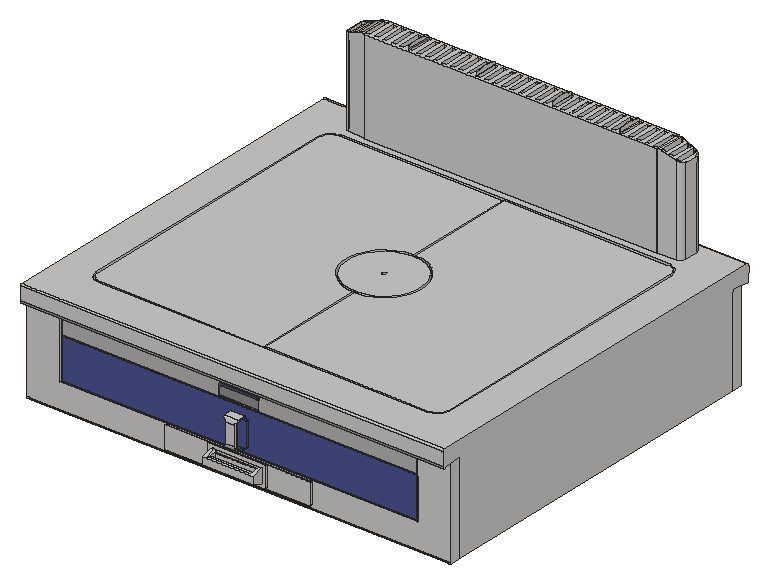
Revit family "QF_ELECTROLUXPROFESSIONAL_593339_MCKDEBDDVO", category Specialty Equipment, Revit 2018
Family settings
  Round Connector Dimension = Use Diameter
  Part Type = Normal
  Work Plane-Based = No
  Always vertical = Yes
  Cut with Voids When Loaded = No
  Shared = No
  Room Calculation Point = No
Parameters (values of type "Standard")
  Weight = 73.00 kg
  Watts = 0 W
  Volts = 0 V
  URL Manufacturer = "http://professional.electrolux.com"
  URL = "http://professional.electrolux.com"
  Steam Supply Size = 0"
  Steam Supply Minimum Pressure = 0.00 psi
  Steam Supply Maximum Pressure = 0.00 psi
  Steam Pounds per Hour = 0
  Show Clearance [instance] = yes
  Refrigeration Suction Line Size = 0 mm
  Refrigeration Liquid Line Size = 0 mm
  Refrigerant Compressor Remote = yes
  Phase = 0
  Model = "MCKDEBDDVO"
  Manufacturer = "Electrolux Professional"
  Length Actual = 400 mm  # constant formula
  Item Number = "593339"
  Hot Water Size = 0"
  Height Actual = 700 mm  # constant formula
  HP = "0 HP"
  Gas Size = 1/2"
  Gas KW = 9.5
  Gas Input Pressure = 0.776646 Btu/h
  Direct Waste Size = 1"
  Description = "GAS PASTA COOK,TOWNGAS,20L,BS,400X900X7"
  Depth Actual = 900 mm  # constant formula
  Cycle = 0 Hz
  Condensate Return Size = 0"
  Compressed Air Volume = 0 GPM
  Compressed Air Size = 0"
  Compressed Air Pressure = 0.00 psi
  Cold Water Size = 3/4"
  Accessory = yes
Reference planes
  plane 1 "BACK": y = 0
  plane 2: z = 0
  plane 3 "LEFT": x = 0
  plane 4 "RIGHT": x = 1000
  plane 5 "FRONT": y = -900
  plane 6 "TOP": z = 481
  plane 7 "Center Y": x = 500
  plane 8 "Center X": y = -450
  plane 9: z = 250
  plane 10: y = -1330
  plane 11: x = 965
Forms (mm)
  Extrusion 1, solid, material "QF_Finishes_Stainless Steel"
    sketch origin (653.786, 50.048, -650) x (0, 1, 0) y (0, 0, 1)
      loop
        line (-95.048, 863) -> (-71.412, 863) -> (-54.743, 860.061)
        arc (-54.743, 860.061) -> (-51.477, 860.936) -> (-50.048, 864) r 4
        line (-50.048, 864) -> (-50.048, 896)
        arc (-50.048, 896) -> (-51.22, 898.828) -> (-54.048, 900) r 4
        line (-54.048, 900) -> (-946.048, 900)
        arc (-946.048, 900) -> (-948.877, 898.828) -> (-950.048, 896) r 4
        line (-950.048, 896) -> (-950.048, 864)
        arc (-950.048, 864) -> (-948.619, 860.936) -> (-945.353, 860.061) r 4
        line (-945.353, 860.061) -> (-928.509, 863) -> (-905.048, 863) -> (-905.048, 650) -> (-95.048, 650) -> (-95.048, 863)
    from -653.786 to 346.214
  Extrusion 2, void
    sketch origin (653.786, 50.048, -650) x (1, 0, 0) y (0, 1, 0)
      loop
        arc (-542.786, -143.048) -> (-564, -151.835) -> (-572.786, -173.048) r 30
        line (-572.786, -173.048) -> (-572.786, -827.048)
        arc (-572.786, -827.048) -> (-564, -848.261) -> (-542.786, -857.048) r 30
        line (-542.786, -857.048) -> (235.214, -857.048)
        arc (235.214, -857.048) -> (256.427, -848.261) -> (265.214, -827.048) r 30
        line (265.214, -827.048) -> (265.214, -173.048)
        arc (265.214, -173.048) -> (256.427, -151.835) -> (235.214, -143.048) r 30
        line (235.214, -143.048) -> (-542.786, -143.048)
      loop
        line (-567.786, -173.048) -> (-567.786, -827.048)
        arc (-567.786, -827.048) -> (-560.464, -844.726) -> (-542.786, -852.048) r 25
        line (-542.786, -852.048) -> (-156.286, -852.048) -> (-156.286, -590.013)
        arc (-156.286, -590.013) -> (-243.786, -500.048) -> (-156.286, -410.083) r 90
        line (-156.286, -410.083) -> (-156.286, -148.048) -> (-542.786, -148.048)
        arc (-542.786, -148.048) -> (-560.464, -155.37) -> (-567.786, -173.048) r 25
      loop
        line (235.214, -148.048) -> (-151.286, -148.048) -> (-151.286, -410.083)
        arc (-151.286, -410.083) -> (-63.786, -500.048) -> (-151.286, -590.013) r 90
        line (-151.286, -590.013) -> (-151.286, -852.048) -> (235.214, -852.048)
        arc (235.214, -852.048) -> (252.891, -844.726) -> (260.214, -827.048) r 25
        line (260.214, -827.048) -> (260.214, -173.048)
        arc (260.214, -173.048) -> (252.891, -155.37) -> (235.214, -148.048) r 25
      loop
        circle (-153.786, -500.048) r 5
      loop
        arc (-156.286, -415.085) -> (-238.786, -500.048) -> (-156.286, -585.011) r 85
        arc (-156.286, -585.011) -> (-153.786, -585.048) -> (-151.286, -585.011) r 85
        arc (-151.286, -585.011) -> (-68.786, -500.048) -> (-151.286, -415.085) r 85
        arc (-151.286, -415.085) -> (-153.786, -415.048) -> (-156.286, -415.085) r 85
    from 887.5 to 900
  Extrusion 3, solid, material "QF_Finishes_Stainless Steel"
    sketch origin (-8, 53.486, -651.25) x (0, 1, 0) y (0, 0, 1)
      loop
        line (-98.486, 864.25) -> (-98.486, 651.25) -> (-74.849, 651.25) -> (-74.849, 864.25) -> (-98.486, 864.25)
    from 8 to 1008
  Extrusion 4, solid, material "QF_Finishes_Stainless Steel"
    sketch origin (0, 0, 0) x (1, 0, 0) y (0, 1, 0)
      loop
        circle (965, -590) r 6.35
    from 0 to -14.661
  Extrusion 5, solid, material "QF_Door-Drawer Clearances", visible <- "Show Clearance", detail levels coarse
    sketch origin (0, 0, 0) x (1, 0, 0) y (0, 1, 0)
      loop
        line (327.605, -882.593) -> (327.605, -1330) -> (671.605, -1330) -> (671.605, -882.593) -> (327.605, -882.593)
    from 8.62 to 60
  Extrusion 6, solid, material "QF_Clearances", visible <- "Show Clearance", detail levels coarse
    sketch origin (0, 0, 0) x (1, 0, 0) y (0, 1, 0)
      loop
        line (-250, 150) -> (-250, -900) -> (0, -900) -> (0, 0) -> (1000, 0) -> (1000, -900) -> (1250, -900) -> (1250, 150) -> (-250, 150)
    from 0 to 481
Cuts and joins
  Extrusion 2 cuts Extrusion 1
Lines and regions (mm)
  symbolic lines, style "QF_Door-Drawer Clearances"
    curve 1: line (327.605, -900, 0) -> (327.605, -1330, 0)
    curve 2: line (327.605, -1330, 0) -> (671.605, -1330, 0)
    curve 3: line (671.605, -1330, 0) -> (671.605, -900, 0)
  symbolic lines
    curve 4: line (0, -900, 0) -> (1000, -900, 0)
    curve 5: line (0, 0, 0) -> (0, -900, 0)
    curve 6: line (1000, 0, 0) -> (0, 0, 0)
    curve 7: line (1000, -900, 0) -> (1000, 0, 0)
    curve 8: line (111, -93, 0) -> (889, -93, 0)
    curve 9: arc (889, -93, 0) -> (910.213, -101.787, 0) -> (919, -123, 0) r 30
    curve 10: line (919, -123, 0) -> (919, -777, 0)
    curve 11: arc (919, -777, 0) -> (910.213, -798.213, 0) -> (889, -807, 0) r 30
    curve 12: line (889, -807, 0) -> (111, -807, 0)
    curve 13: arc (111, -807, 0) -> (89.787, -798.213, 0) -> (81, -777, 0) r 30
    curve 14: line (81, -777, 0) -> (81, -123, 0)
    curve 15: arc (81, -123, 0) -> (89.787, -101.787, 0) -> (111, -93, 0) r 30
    curve 16: line (497.5, -98, 0) -> (111, -98, 0)
    curve 17: arc (111, -98, 0) -> (93.322, -105.322, 0) -> (86, -123, 0) r 25
    curve 18: line (86, -123, 0) -> (86, -777, 0)
    curve 19: arc (86, -777, 0) -> (93.322, -794.678, 0) -> (111, -802, 0) r 25
    curve 20: line (111, -802, 0) -> (497.5, -802, 0)
    curve 21: line (497.5, -802, 0) -> (497.5, -539.965, 0)
    curve 22: arc (497.5, -539.965, 0) -> (410, -450, 0) -> (497.5, -360.035, 0) r 90
    curve 23: line (497.5, -360.035, 0) -> (497.5, -98, 0)
    curve 24: line (889, -98, 0) -> (502.5, -98, 0)
    curve 25: line (502.5, -98, 0) -> (502.5, -360.035, 0)
    curve 26: arc (502.5, -360.035, 0) -> (590, -450, 0) -> (502.5, -539.965, 0) r 90
    curve 27: line (502.5, -539.965, 0) -> (502.5, -802, 0)
    curve 28: line (502.5, -802, 0) -> (889, -802, 0)
    curve 29: arc (889, -802, 0) -> (906.678, -794.678, 0) -> (914, -777, 0) r 25
    curve 30: line (914, -777, 0) -> (914, -123, 0)
    curve 31: arc (914, -123, 0) -> (906.678, -105.322, 0) -> (889, -98, 0) r 25
    curve 32: arc (502.5, -534.963, 0) -> (585, -450, 0) -> (502.5, -365.037, 0) r 85
    curve 33: arc (502.5, -365.037, 0) -> (500, -365, 0) -> (497.5, -365.037, 0) r 85
    curve 34: arc (497.5, -365.037, 0) -> (415, -450, 0) -> (497.5, -534.963, 0) r 85
    curve 35: arc (497.5, -534.963, 0) -> (500, -535, 0) -> (502.5, -534.963, 0) r 85
    curve 36: arc (505, -450, 0) -> (500, -455, 0) -> (495, -450, 0) r 5
    curve 37: arc (495, -450, 0) -> (500, -445, 0) -> (505, -450, 0) r 5
  symbolic lines, style "QF_Clearances", visible <- "Show Clearance", detail levels coarse
    curve 38: line (-250, -900, 0) -> (-250, 150, 0)
    curve 39: line (-250, 150, 0) -> (1250, 150, 0)
    curve 40: line (1250, 150, 0) -> (1250, -900, 0)
Dimensions and locks
  equal spacing: plane 3 "LEFT", plane 7 "Center Y", plane 4 "RIGHT"
  plane 3 "LEFT" to plane 4 "RIGHT" = 1000 mm
  equal spacing: plane 5 "FRONT", plane 8 "Center X", plane 1 "BACK"
  plane 5 "FRONT" to plane 1 "BACK" = 900 mm
  plane 6 "TOP" to level = 481 mm
  plane 9 to level = 250 mm  (x2)
  plane 5 "FRONT" to plane 10 = 430 mm
  curve 38 to plane 3 "LEFT" = 250 mm
  plane 4 "RIGHT" to curve 40 = 250 mm
  plane 1 "BACK" to curve 39 = 150 mm
  plane 4 "RIGHT" to plane 11 = 35 mm
  plane 1 "BACK" to Extrusion 4 = 590 mm
  plane 6 "TOP" to plane 9 = 231 mm
  locked: Extrusion 2 sketch curve to Extrusion 2 sketch curve (radius 30 mm)  (x4)
  locked: Extrusion 2 sketch curve to Extrusion 2 sketch curve (radius 25 mm)  (x4)
  locked: Extrusion 2 sketch curve to Extrusion 2 sketch curve (radius 90 mm)  (x2)
  locked: Extrusion 2 sketch curve to Extrusion 2 sketch curve (radius 85 mm)  (x2)
  aligned and locked: level to plane 2
Automatic sketch dimensions
  Extrusion 1 sketch curve to plane 5 "FRONT" = 0 mm
  Extrusion 1 sketch curve to plane 9 = 0 mm
  Extrusion 1 sketch curve to level = 0 mm
  Extrusion 1 sketch curve to plane 1 "BACK" = 0 mm
  Extrusion 1 sketch curve to plane 5 "FRONT" = 4.695 mm
  Extrusion 1 sketch curve to plane 9 = 39.939 mm
  Extrusion 1 sketch curve to plane 5 "FRONT" = 4 mm
  Extrusion 1 sketch curve to Extrusion 1 sketch curve = 16.844 mm
  Extrusion 1 sketch curve to plane 5 "FRONT" = 45 mm
  plane 1 "BACK" to Extrusion 1 sketch curve = 45 mm
  plane 1 "BACK" to Extrusion 1 sketch curve = 21.364 mm
  plane 1 "BACK" to Extrusion 1 sketch curve = 4 mm  (x2)
  Extrusion 1 sketch curve to Extrusion 1 sketch curve = 0.695 mm
  plane 1 "BACK" to Extrusion 1 sketch curve = 4.695 mm
  Extrusion 1 sketch curve to Extrusion 1 sketch curve = 0 mm  (x2)
  Extrusion 1 sketch curve to plane 9 = 37 mm  (x2)
  Extrusion 1 sketch curve to Extrusion 1 sketch curve = 1 mm
  Extrusion 2 sketch curve to Extrusion 2 sketch curve = 0 mm  (x19)
  Extrusion 2 sketch curve to plane 5 "FRONT" = 93 mm
  Extrusion 2 sketch curve to plane 7 "Center Y" = 0 mm
  Extrusion 2 sketch curve to plane 8 "Center X" = 0 mm
  Extrusion 2 sketch curve to plane 7 "Center Y" = 2.5 mm  (x4)
  plane 7 "Center Y" to Extrusion 2 sketch curve = 2.5 mm  (x4)
  plane 1 "BACK" to Extrusion 2 sketch curve = 123 mm
  plane 3 "LEFT" to Extrusion 2 sketch curve = 81 mm
  Extrusion 4 sketch curve to plane 8 "Center X" = 140 mm
  plane 4 "RIGHT" to Extrusion 4 sketch curve = 35 mm
  Extrusion 5 sketch curve to plane 10 = 0 mm
  Extrusion 5 sketch curve to plane 5 "FRONT" = 17.407 mm
  Extrusion 5 sketch curve to plane 7 "Center Y" = 172.395 mm
  plane 7 "Center Y" to Extrusion 5 sketch curve = 171.605 mm
  plane 4 "RIGHT" to Extrusion 2 sketch curve = 111 mm
  plane 5 "FRONT" to Extrusion 6 sketch curve = 0 mm
  Extrusion 6 sketch curve to plane 1 "BACK" = 150 mm
  Extrusion 6 sketch curve to plane 4 "RIGHT" = 250 mm
  Extrusion 6 sketch curve to plane 1 "BACK" = 0 mm
  Extrusion 6 sketch curve to plane 3 "LEFT" = 0 mm
  Extrusion 6 sketch curve to plane 4 "RIGHT" = 0 mm
  Extrusion 6 sketch curve to Extrusion 6 sketch curve = 250 mm
  Extrusion 6 sketch curve to Extrusion 6 sketch curve = 0 mm
  curve 9 to curve 31 = 0 mm  (x2)
  curve 11 to curve 29 = 0 mm  (x2)
  curve 13 to curve 19 = 0 mm  (x2)
  curve 15 to curve 17 = 0 mm  (x2)
  curve 22 to curve 26 = 0 mm  (x2)
  curve 22 to curve 32 = 0 mm  (x2)
  curve 22 to curve 33 = 0 mm  (x2)
  curve 22 to curve 34 = 0 mm  (x2)
  curve 22 to curve 35 = 0 mm
  curve 22 to curve 36 = 0 mm  (x2)
  plane 1 "BACK" to curve 5 = 0 mm
  curve 5 to plane 3 "LEFT" = 0 mm
  curve 1 to plane 10 = 0 mm
  curve 4 to plane 4 "RIGHT" = 0 mm
  plane 5 "FRONT" to curve 5 = 0 mm
  plane 5 "FRONT" to curve 38 = 0 mm
  curve 36 to plane 8 "Center X" = 0 mm
  curve 32 to plane 7 "Center Y" = 0 mm
  plane 5 "FRONT" to curve 40 = 0 mm
  plane 3 "LEFT" to curve 14 = 81 mm
  curve 13 to curve 18 = 5 mm
  curve 18 to curve 20 = 25 mm
  curve 17 to curve 8 = 25 mm
  curve 1 to plane 7 "Center Y" = 172.395 mm
  curve 21 to plane 7 "Center Y" = 2.5 mm
  curve 16 to plane 7 "Center Y" = 2.5 mm
  plane 7 "Center Y" to curve 28 = 2.5 mm
  plane 7 "Center Y" to curve 25 = 2.5 mm
  plane 7 "Center Y" to curve 3 = 171.605 mm
  plane 4 "RIGHT" to curve 28 = 111 mm
  curve 11 to curve 30 = 25 mm
  curve 30 to curve 10 = 5 mm
  curve 36 to curve 22 = 5 mm
  curve 34 to plane 7 "Center Y" = 2.5 mm
  curve 33 to plane 7 "Center Y" = 2.5 mm
  plane 7 "Center Y" to curve 33 = 2.5 mm
  plane 7 "Center Y" to curve 35 = 2.5 mm
  curve 12 to plane 5 "FRONT" = 93 mm
  curve 21 to plane 8 "Center X" = 89.965 mm
  curve 22 to curve 27 = 0 mm
  curve 27 to curve 35 = 5.002 mm
  plane 1 "BACK" to curve 30 = 123 mm
  plane 1 "BACK" to curve 14 = 123 mm
  Extrusion 3 sketch curve to level = 0 mm
  plane 1 "BACK" to Extrusion 3 sketch curve = 45 mm
  Extrusion 3 sketch curve to plane 9 = 37 mm
  plane 1 "BACK" to Extrusion 3 sketch curve = 21.364 mm
  radius of Extrusion 2 sketch curve = 5 mm
  radius of Extrusion 4 sketch curve = 6.35 mm
Nested families
  nested 1: "EG_900_1000_Front Panel with Center Grease Trap" at (202.376, -855, -650), type "EG_900_1000_Front Panel with Center Grease Trap"
  nested 2: "GG_900_Backsplash for 800 fryer" at (488.888, -5, -635.571), type "GG_900_Backsplash for 800 fryer"
Connectors
  piping at (965, -590, -14.661), diameter 12.7
    settings: on Extrusion 4, index 1, connector inside diameter 1/2", connector length 0 mm, flow factor 0, pipe flow 0 GPM, pressure drop 0.00 psi, fitting loss kfactor 0, connector angle 0.00°, fixture units 0, engagement length 0 mm, angle of deflection 0.00°, flow configuration 1, flow direction 1, fitting loss method 0, system type 7, joint type 0, gender type 0, connector reference index -1, connector utility 0, adjustable connector no, is connector primary yes, connector description "GAS INLET"
Definition of nested family "EG_900_1000_Front Panel with Center Grease Trap"
  Reference planes
    plane 1 "Center (Front/Back)": y = 0
    plane 2: z = 0
    plane 3 "Center (Left/Right)": x = 297.624
    plane 4: x = -202.376
    plane 5: x = 797.624
    plane 6: y = -45
  Forms (mm)
    Extrusion 1, solid
      sketch origin (833.217, 829.203, -1.25) x (0, 1, 0) y (0, 0, 1)
        loop
          arc (-854.203, 654.25) -> (-853.324, 652.129) -> (-851.203, 651.25) r 3
          line (-851.203, 651.25) -> (-829.203, 651.25) -> (-829.203, 864.25) -> (-854.203, 864.25) -> (-854.203, 654.25)
      from -1035.593 to -35.593
    Extrusion 2, void
      sketch origin (33.217, 829.203, -1.25) x (1, 0, 0) y (0, 0, 1)
        loop
          line (-157.593, 855.116) -> (-157.593, 713.116) -> (686.407, 713.116) -> (686.407, 855.116) -> (-157.593, 855.116)
      from 848.59 to 854.203
  Cuts and joins
    Extrusion 2 cuts Extrusion 1
  Dimensions and locks
    equal spacing: plane 5, plane 3 "Center (Left/Right)", plane 4
    plane 5 to plane 4 = 1000 mm
    aligned and locked: cut or joined group of Extrusion 1, Extrusion 2 to plane 4
    aligned and locked: plane 5 to cut or joined group of Extrusion 1, Extrusion 2
    aligned and locked: plane 3 "Center (Left/Right)" to nested 2
    aligned and locked: cut or joined group of Extrusion 1, Extrusion 2 to nested 2
    aligned and locked: plane 3 "Center (Left/Right)" to nested 1
    aligned and locked: plane 3 "Center (Left/Right)" to nested 3
  Automatic sketch dimensions
    Extrusion 1 sketch curve to plane 1 "Center (Front/Back)" = 0 mm
    plane 1 "Center (Front/Back)" to Extrusion 1 sketch curve = 22 mm
    Extrusion 1 sketch curve to Extrusion 1 sketch curve = 3 mm
    level to Extrusion 1 sketch curve = 650 mm
    Extrusion 1 sketch curve to Extrusion 1 sketch curve = 210 mm
    plane 4 to Extrusion 2 sketch curve = 78 mm
    Extrusion 2 sketch curve to plane 5 = 78 mm
    level to Extrusion 2 sketch curve = 711.866 mm
    Extrusion 2 sketch curve to Extrusion 2 sketch curve = 142 mm
  Nested families
    nested 1: "Range Control Handle" at (297.624, -28.137, -209.113) x (-1, 0, 0) z (0, 0, 1), type "Range Control Handle"
    nested 2: "glass conrol panel" at (297.624, 280.644, 2.752), type "glass conrol panel"
    nested 3: "grease trap door" at (365.223, -25, 0.608) x (-1, 0, 0) z (0, 0, 1), type "grease trap door"
  Definition of nested family "Range Control Handle"
    Reference planes
      plane 1 "Center (Front/Back)": y = 0
      plane 2: z = 0
      plane 3 "Center (Left/Right)": x = 0
      plane 4: z = 971.092
      plane 5: y = -16.9
    Forms (mm)
      Extrusion 1, solid
        sketch origin (-746.28, 380.497, 208.931) x (-1, 0, 0) y (0, 0, 1)
          loop
            line (-770.101, 786.798) -> (-770.101, 731.649)
            arc (-770.101, 731.649) -> (-769.759, 730.563) -> (-768.855, 729.87) r 1.893
            line (-768.855, 729.87) -> (-763.474, 727.911) -> (-729.81, 727.911) -> (-724.428, 729.87)
            arc (-724.428, 729.87) -> (-723.525, 730.563) -> (-723.183, 731.649) r 1.893
            line (-723.183, 731.649) -> (-723.183, 786.798)
            arc (-723.183, 786.798) -> (-723.529, 787.894) -> (-724.44, 788.593) r 1.91
            line (-724.44, 788.593) -> (-729.683, 790.819) -> (-763.601, 790.819) -> (-768.844, 788.593)
            arc (-768.844, 788.593) -> (-769.755, 787.894) -> (-770.101, 786.798) r 1.91
        from -382.35 to -378.852
      Sweep 2, solid
        path origin (-746.788, 380.496, 208.091) x (0, -1, 0) y (0, 0, 1)
          loop
            line (379.775, 793.281) -> (395.661, 791.048)
            arc (395.661, 791.048) -> (397.781, 787.377) -> (398.517, 783.202) r 12.207
            line (398.517, 783.202) -> (398.517, 737.368)
            arc (398.517, 737.368) -> (397.781, 733.193) -> (395.661, 729.522) r 12.207
            line (395.661, 729.522) -> (379.775, 727.289)
        profile origin (-746.788, -7.222, 1000.256) x (0, -0.139173, 0.990268) y (-1, 0, 0)
          loop
            line (0.782, -763.123) -> (0.782, -730.907) -> (-1.322, -730.907) -> (-1.322, -763.123) -> (0.782, -763.123)
      Sweep 3, solid
        path origin (-746.788, 380.715, 207.832) x (0, -1, 0) y (0, 0, 1)
          loop
            line (380.478, 795.442) -> (397.218, 793.09)
            arc (397.218, 793.09) -> (399.929, 788.473) -> (400.871, 783.202) r 15.207
            line (400.871, 783.202) -> (400.871, 737.584)
            arc (400.871, 737.584) -> (399.914, 732.274) -> (397.164, 727.633) r 15.207
            line (397.164, 727.633) -> (380.601, 725.305)
        profile origin (-746.788, -8.132, 1002.099) x (0, -0.139173, 0.990268) y (-1, 0, 0)
          loop
            line (0.782, -763.123) -> (0.782, -730.907) -> (-1.322, -730.907) -> (-1.322, -763.123) -> (0.782, -763.123)
      Extrusion 4, void
        sketch origin (889.253, 220.666, 207.993) x (1, 0, 0) y (0, 0, 1)
          loop
            line (-943.038, 816.854) -> (-943.038, 703.686) -> (-899.466, 734.196) -> (-899.466, 786.344) -> (-943.038, 816.854)
        from 230.636 to 242.25
      Extrusion 5, void
        sketch origin (-888.8, 220.666, 207.993) x (-1, 0, 0) y (0, 0, -1)
          loop
            line (-943.038, -816.854) -> (-899.466, -786.344) -> (-899.466, -734.196) -> (-943.038, -703.686) -> (-943.038, -816.854)
        from 230.636 to 242.25
      Extrusion 6, solid
        sketch origin (0, 0, 0) x (1, 0, 0) y (0, 0, 1)
          loop
            circle (0, 971.092) r 7.736
        from -3.137 to -1.645
    Cuts and joins
      Extrusion 4, Extrusion 5 cuts Sweep 3
      Extrusion 4, Extrusion 5 cuts Sweep 2
      joined: Extrusion 1, Extrusion 6
    Lines and regions (mm)
      symbolic lines
        curve 1: line (16.334, -16.9, 0) -> (16.334, -19.227, 0)
        curve 2: spline (16.334, -19.227, 0) -> (15.87, -19.385, 0) -> (15.404, -19.536, 0) -> (14.936, -19.678, 0) -> (14.466, -19.813, 0) -> (13.995, -19.94, 0) -> (13.523, -20.059, 0) -> (13.049, -20.171, 0) -> (12.575, -20.274, 0) -> (12.099, -20.37, 0) -> (11.622, -20.458, 0) -> (11.144, -20.537, 0) -> (10.666, -20.609, 0)
        curve 3: line (10.666, -16.9, 0) -> (10.666, -20.938, 0)
        curve 4: line (-10.213, -20.938, 0) -> (10.666, -20.938, 0)
        curve 5: line (-10.213, -20.938, 0) -> (-10.213, -16.9, 0)
        curve 6: spline (-10.213, -20.609, 0) -> (-10.691, -20.537, 0) -> (-11.169, -20.458, 0) -> (-11.646, -20.37, 0) -> (-12.122, -20.274, 0) -> (-12.597, -20.171, 0) -> (-13.07, -20.059, 0) -> (-13.542, -19.94, 0) -> (-14.013, -19.813, 0) -> (-14.483, -19.678, 0) -> (-14.951, -19.536, 0) -> (-15.417, -19.385, 0) -> (-15.881, -19.227, 0)
        curve 7: line (-15.881, -19.227, 0) -> (-15.881, -16.9, 0)
  Definition of nested family "glass conrol panel"
    Reference planes
      plane 1 "Center (Front/Back)": y = 0
      plane 2: z = 0
      plane 3 "Center (Left/Right)": x = 0
    Forms (mm)
      Extrusion 1, solid
        sketch origin (378.286, 0, 0.617) x (1, 0, 0) y (0, 0, 1)
          loop
            line (-800.286, 806.791) -> (-800.286, 708.497) -> (43.714, 708.497) -> (43.714, 806.791) -> (-800.286, 806.791)
        from 300.031 to 304.8
      Extrusion 2, solid
        sketch origin (378.286, 0, 0.617) x (1, 0, 0) y (0, 0, 1)
          loop
            line (-800.286, 850.497) -> (-800.286, 806.791) -> (43.714, 806.791) -> (43.714, 850.497) -> (-800.286, 850.497)
        from 300.031 to 304.8
      Extrusion 3, void
        sketch origin (378.286, 0, 0.617) x (1, 0, 0) y (0, 0, 1)
          loop
            line (-797.286, 847.565) -> (-797.286, 710.699) -> (40.714, 710.699) -> (40.714, 847.565) -> (-797.286, 847.565)
        from 303.697 to 304.8
      Extrusion 4, solid
        sketch origin (-308.309, 1.101, -0.633) x (-1, 0, 0) y (0, 0, -1)
          loop
            line (-261.431, -812.62) -> (-355.186, -812.62) -> (-355.186, -834.177) -> (-350.269, -834.177) -> (-348.469, -835.977) -> (-268.039, -835.977) -> (-266.24, -834.177) -> (-261.431, -834.177) -> (-261.431, -812.62)
        from 304.798 to 306.745
      Extrusion 5, solid
        sketch origin (-308.309, 1.101, -0.633) x (-1, 0, 0) y (0, 0, -1)
          loop
            line (-350.269, -834.177) -> (-355.078, -834.177)
            arc (-355.078, -834.177) -> (-353.942, -838.747) -> (-349.686, -840.763) r 5.5
            line (-349.686, -840.763) -> (-266.98, -840.763)
            arc (-266.98, -840.763) -> (-262.706, -838.752) -> (-261.529, -834.177) r 5.549
            line (-261.529, -834.177) -> (-266.24, -834.177) -> (-268.039, -835.977) -> (-348.469, -835.977) -> (-350.269, -834.177)
        from 304.798 to 306.745
    Cuts and joins
      Extrusion 3 cuts Extrusion 1
      Extrusion 3 cuts Extrusion 2
    Dimensions and locks
      aligned and locked: Extrusion 1 to Extrusion 2
      aligned and locked: Extrusion 5 sketch curve to Extrusion 4  (x5)
      aligned and locked: Extrusion 5 to Extrusion 4
  Definition of nested family "grease trap door"
    Reference planes
      plane 1 "Center (Front/Back)": y = 0
      plane 2: z = 0
      plane 3 "Center (Left/Right)": x = 0
      plane 4: y = -20
    Forms (mm)
      Extrusion 1, solid
        sketch origin (1627.55, 854.203, -1.25) x (1, 0, 0) y (0, 0, 1)
          loop
            arc (-1627.55, 661.235) -> (-1626.972, 659.84) -> (-1625.577, 659.262) r 1.973
            line (-1625.577, 659.262) -> (-1494.325, 659.262)
            arc (-1494.325, 659.262) -> (-1492.156, 660.16) -> (-1491.258, 662.329) r 3.067
            line (-1491.258, 662.329) -> (-1491.258, 708.803)
            arc (-1491.258, 708.803) -> (-1492.414, 710.143) -> (-1494.111, 710.642) r 3.133
            line (-1494.111, 710.642) -> (-1625.486, 710.642)
            arc (-1625.486, 710.642) -> (-1626.945, 710.038) -> (-1627.55, 708.579) r 2.063
            line (-1627.55, 708.579) -> (-1627.55, 661.235)
        from 856.795 to 859.203
      Extrusion 2, solid
        sketch origin (445.874, 2476.61, 0) x (0, 1, 0) y (0, 0, 1)
          loop
            line (-2506.377, 675.273) -> (-2481.61, 667.505) -> (-2481.61, 700.995) -> (-2506.377, 693.227) -> (-2506.377, 675.273)
        from -437.68 to -317.68
      Extrusion 3, void
        sketch origin (1627.55, 854.203, -1.25) x (1, 0, 0) y (0, 0, 1)
          loop
            line (-1614.883, 703) -> (-1610.542, 695.433) -> (-1508.17, 695.433) -> (-1503.828, 703) -> (-1614.883, 703)
          loop
            line (-1614.883, 668) -> (-1502.669, 668) -> (-1507.01, 675.567) -> (-1610.542, 675.567) -> (-1614.883, 668)
        from 832.916 to 883.97
      Extrusion 4, void
        sketch origin (447.55, 854.203, -1.25) x (1, 0, 0) y (0, 0, 1)
          loop
            line (-430.542, 695.433) -> (-430.542, 675.567) -> (-328.17, 675.567) -> (-328.17, 695.433) -> (-430.542, 695.433)
        from 859.203 to 874.202
      Extrusion 5, solid
        sketch origin (1627.55, 854.203, -1.25) x (1, 0, 0) y (0, 0, 1)
          loop
            arc (-1731.556, 661.235) -> (-1730.978, 659.84) -> (-1729.583, 659.262) r 1.973
            line (-1729.583, 659.262) -> (-1390.623, 659.262)
            arc (-1390.623, 659.262) -> (-1388.454, 660.16) -> (-1387.556, 662.329) r 3.067
            line (-1387.556, 662.329) -> (-1387.556, 708.803)
            arc (-1387.556, 708.803) -> (-1388.712, 710.143) -> (-1390.409, 710.642) r 3.133
            line (-1390.409, 710.642) -> (-1729.493, 710.642)
            arc (-1729.493, 710.642) -> (-1730.952, 710.038) -> (-1731.556, 708.579) r 2.063
            line (-1731.556, 708.579) -> (-1731.556, 661.235)
        from 854.203 to 856.795
    Cuts and joins
      Extrusion 3 cuts Extrusion 1
      Extrusion 3, Extrusion 4 cuts Extrusion 2
      joined: Extrusion 1, Extrusion 2
    Lines and regions (mm)
      model lines
        curve 1: line (67.599, 0, 658.012) -> (67.599, 0, 709.392)
      symbolic lines
        curve 2: line (8.194, -20, 0) -> (8.194, -29.767, 0)
        curve 3: line (8.194, -29.767, 0) -> (128.194, -29.767, 0)
        curve 4: line (128.194, -29.767, 0) -> (128.194, -20, 0)
    Dimensions and locks
      aligned and locked: Extrusion 2 to Extrusion 1
      aligned and locked: Extrusion 3 to Extrusion 2
      aligned and locked: Extrusion 4 to Extrusion 1
Definition of nested family "GG_900_Backsplash for 800 fryer"
  Reference planes
    plane 1 "Center (Front/Back)": y = 0
    plane 2: z = 0
    plane 3 "Center (Left/Right)": x = 11.112
    plane 4: x = -388.888
    plane 5: x = 411.112
    plane 6: y = -37.994
  Forms (mm)
    Extrusion 1, solid
      sketch origin (3208.371, -22.924, -275.679) x (1, 0, 0) y (0, 0, 1)
        loop
          line (-3597.259, 1365.162) -> (-3597.259, 1161.25) -> (-2797.259, 1161.25) -> (-2797.259, 1364.934) -> (-2841.553, 1381.055)
          arc (-2841.553, 1381.055) -> (-2844.994, 1381.949) -> (-2848.536, 1382.25) r 21
          line (-2848.536, 1382.25) -> (-3546.608, 1382.25)
          arc (-3546.608, 1382.25) -> (-3550.146, 1381.95) -> (-3553.582, 1381.058) r 21
          line (-3553.582, 1381.058) -> (-3597.259, 1365.162)
      from -17.885 to 48.024
    Extrusion 2, void
      sketch origin (3108.387, -925.98, -226.348) x (1, 0, 0) y (0, 1, 0)
        loop
          line (-3444.887, 915.362) -> (-3444.887, 861.502) -> (-3434.887, 861.502) -> (-3434.887, 915.362) -> (-3444.887, 915.362)
      from 1111.919 to 1332.919
    Extrusion 3, void
      sketch origin (3789.012, -925.98, -226.348) x (1, 0, 0) y (0, 1, 0)
        loop
          line (-3444.887, 915.362) -> (-3444.887, 861.502) -> (-3434.887, 861.502) -> (-3434.887, 915.362) -> (-3444.887, 915.362)
      from 1111.919 to 1332.919
    Extrusion 4, void
      sketch origin (3128.405, -925.98, -226.348) x (1, 0, 0) y (0, 1, 0)
        loop
          line (-3444.887, 915.362) -> (-3444.887, 861.502) -> (-3434.887, 861.502) -> (-3434.887, 915.362) -> (-3444.887, 915.362)
      from 1111.919 to 1332.919
    Extrusion 5, void
      sketch origin (3148.424, -925.98, -226.348) x (1, 0, 0) y (0, 1, 0)
        loop
          line (-3444.887, 915.362) -> (-3444.887, 861.502) -> (-3434.887, 861.502) -> (-3434.887, 915.362) -> (-3444.887, 915.362)
      from 1111.919 to 1332.919
    Extrusion 6, void
      sketch origin (3168.442, -925.98, -226.348) x (1, 0, 0) y (0, 1, 0)
        loop
          line (-3444.887, 915.362) -> (-3444.887, 861.502) -> (-3434.887, 861.502) -> (-3434.887, 915.362) -> (-3444.887, 915.362)
      from 1111.919 to 1332.919
    Extrusion 7, void
      sketch origin (3188.46, -925.98, -226.348) x (1, 0, 0) y (0, 1, 0)
        loop
          line (-3444.887, 915.362) -> (-3444.887, 861.502) -> (-3434.887, 861.502) -> (-3434.887, 915.362) -> (-3444.887, 915.362)
      from 1111.919 to 1332.919
    Extrusion 8, void
      sketch origin (3208.479, -925.98, -226.348) x (1, 0, 0) y (0, 1, 0)
        loop
          line (-3444.887, 915.362) -> (-3444.887, 861.502) -> (-3434.887, 861.502) -> (-3434.887, 915.362) -> (-3444.887, 915.362)
      from 1111.919 to 1332.919
    Extrusion 9, void
      sketch origin (3228.497, -925.98, -226.348) x (1, 0, 0) y (0, 1, 0)
        loop
          line (-3444.887, 915.362) -> (-3444.887, 861.502) -> (-3434.887, 861.502) -> (-3434.887, 915.362) -> (-3444.887, 915.362)
      from 1111.919 to 1332.919
    Extrusion 10, void
      sketch origin (3248.516, -925.98, -226.348) x (1, 0, 0) y (0, 1, 0)
        loop
          line (-3444.887, 915.362) -> (-3444.887, 861.502) -> (-3434.887, 861.502) -> (-3434.887, 915.362) -> (-3444.887, 915.362)
      from 1111.919 to 1332.919
    Extrusion 11, void
      sketch origin (3268.534, -925.98, -226.348) x (1, 0, 0) y (0, 1, 0)
        loop
          line (-3444.887, 915.362) -> (-3444.887, 861.502) -> (-3434.887, 861.502) -> (-3434.887, 915.362) -> (-3444.887, 915.362)
      from 1111.919 to 1332.919
    Extrusion 12, void
      sketch origin (3288.552, -925.98, -226.348) x (1, 0, 0) y (0, 1, 0)
        loop
          line (-3444.887, 915.362) -> (-3444.887, 861.502) -> (-3434.887, 861.502) -> (-3434.887, 915.362) -> (-3444.887, 915.362)
      from 1111.919 to 1332.919
    Extrusion 13, void
      sketch origin (3308.571, -925.98, -226.348) x (1, 0, 0) y (0, 1, 0)
        loop
          line (-3444.887, 915.362) -> (-3444.887, 861.502) -> (-3434.887, 861.502) -> (-3434.887, 915.362) -> (-3444.887, 915.362)
      from 1111.919 to 1332.919
    Extrusion 14, void
      sketch origin (3328.589, -925.98, -226.348) x (1, 0, 0) y (0, 1, 0)
        loop
          line (-3444.887, 915.362) -> (-3444.887, 861.502) -> (-3434.887, 861.502) -> (-3434.887, 915.362) -> (-3444.887, 915.362)
      from 1111.919 to 1332.919
    Extrusion 15, void
      sketch origin (3348.607, -925.98, -226.348) x (1, 0, 0) y (0, 1, 0)
        loop
          line (-3444.887, 915.362) -> (-3444.887, 861.502) -> (-3434.887, 861.502) -> (-3434.887, 915.362) -> (-3444.887, 915.362)
      from 1111.919 to 1332.919
    Extrusion 16, void
      sketch origin (3368.626, -925.98, -226.348) x (1, 0, 0) y (0, 1, 0)
        loop
          line (-3444.887, 915.362) -> (-3444.887, 861.502) -> (-3434.887, 861.502) -> (-3434.887, 915.362) -> (-3444.887, 915.362)
      from 1111.919 to 1332.919
    Extrusion 17, void
      sketch origin (3388.644, -925.98, -226.348) x (1, 0, 0) y (0, 1, 0)
        loop
          line (-3444.887, 915.362) -> (-3444.887, 861.502) -> (-3434.887, 861.502) -> (-3434.887, 915.362) -> (-3444.887, 915.362)
      from 1111.919 to 1332.919
    Extrusion 18, void
      sketch origin (3408.663, -925.98, -226.348) x (1, 0, 0) y (0, 1, 0)
        loop
          line (-3444.887, 915.362) -> (-3444.887, 861.502) -> (-3434.887, 861.502) -> (-3434.887, 915.362) -> (-3444.887, 915.362)
      from 1111.919 to 1332.919
    Extrusion 19, void
      sketch origin (3428.681, -925.98, -226.348) x (1, 0, 0) y (0, 1, 0)
        loop
          line (-3444.887, 915.362) -> (-3444.887, 861.502) -> (-3434.887, 861.502) -> (-3434.887, 915.362) -> (-3444.887, 915.362)
      from 1111.919 to 1332.919
    Extrusion 20, void
      sketch origin (3448.699, -925.98, -226.348) x (1, 0, 0) y (0, 1, 0)
        loop
          line (-3444.887, 915.362) -> (-3444.887, 861.502) -> (-3434.887, 861.502) -> (-3434.887, 915.362) -> (-3444.887, 915.362)
      from 1111.919 to 1332.919
    Extrusion 21, void
      sketch origin (3468.718, -925.98, -226.348) x (1, 0, 0) y (0, 1, 0)
        loop
          line (-3444.887, 915.362) -> (-3444.887, 861.502) -> (-3434.887, 861.502) -> (-3434.887, 915.362) -> (-3444.887, 915.362)
      from 1111.919 to 1332.919
    Extrusion 22, void
      sketch origin (3488.736, -925.98, -226.348) x (1, 0, 0) y (0, 1, 0)
        loop
          line (-3444.887, 915.362) -> (-3444.887, 861.502) -> (-3434.887, 861.502) -> (-3434.887, 915.362) -> (-3444.887, 915.362)
      from 1111.919 to 1332.919
    Extrusion 23, void
      sketch origin (3508.755, -925.98, -226.348) x (1, 0, 0) y (0, 1, 0)
        loop
          line (-3444.887, 915.362) -> (-3444.887, 861.502) -> (-3434.887, 861.502) -> (-3434.887, 915.362) -> (-3444.887, 915.362)
      from 1111.919 to 1332.919
    Extrusion 24, void
      sketch origin (3528.773, -925.98, -226.348) x (1, 0, 0) y (0, 1, 0)
        loop
          line (-3444.887, 915.362) -> (-3444.887, 861.502) -> (-3434.887, 861.502) -> (-3434.887, 915.362) -> (-3444.887, 915.362)
      from 1111.919 to 1332.919
    Extrusion 25, void
      sketch origin (3548.791, -925.98, -226.348) x (1, 0, 0) y (0, 1, 0)
        loop
          line (-3444.887, 915.362) -> (-3444.887, 861.502) -> (-3434.887, 861.502) -> (-3434.887, 915.362) -> (-3444.887, 915.362)
      from 1111.919 to 1332.919
    Extrusion 26, void
      sketch origin (3568.81, -925.98, -226.348) x (1, 0, 0) y (0, 1, 0)
        loop
          line (-3444.887, 915.362) -> (-3444.887, 861.502) -> (-3434.887, 861.502) -> (-3434.887, 915.362) -> (-3444.887, 915.362)
      from 1111.919 to 1332.919
    Extrusion 27, void
      sketch origin (3588.828, -925.98, -226.348) x (1, 0, 0) y (0, 1, 0)
        loop
          line (-3444.887, 915.362) -> (-3444.887, 861.502) -> (-3434.887, 861.502) -> (-3434.887, 915.362) -> (-3444.887, 915.362)
      from 1111.919 to 1332.919
    Extrusion 28, void
      sketch origin (3608.846, -925.98, -226.348) x (1, 0, 0) y (0, 1, 0)
        loop
          line (-3444.887, 915.362) -> (-3444.887, 861.502) -> (-3434.887, 861.502) -> (-3434.887, 915.362) -> (-3444.887, 915.362)
      from 1111.919 to 1332.919
    Extrusion 29, void
      sketch origin (3628.865, -925.98, -226.348) x (1, 0, 0) y (0, 1, 0)
        loop
          line (-3444.887, 915.362) -> (-3444.887, 861.502) -> (-3434.887, 861.502) -> (-3434.887, 915.362) -> (-3444.887, 915.362)
      from 1111.919 to 1332.919
    Extrusion 30, void
      sketch origin (3648.883, -925.98, -226.348) x (1, 0, 0) y (0, 1, 0)
        loop
          line (-3444.887, 915.362) -> (-3444.887, 861.502) -> (-3434.887, 861.502) -> (-3434.887, 915.362) -> (-3444.887, 915.362)
      from 1111.919 to 1332.919
    Extrusion 31, void
      sketch origin (3668.902, -925.98, -226.348) x (1, 0, 0) y (0, 1, 0)
        loop
          line (-3444.887, 915.362) -> (-3444.887, 861.502) -> (-3434.887, 861.502) -> (-3434.887, 915.362) -> (-3444.887, 915.362)
      from 1111.919 to 1332.919
    Extrusion 32, void
      sketch origin (0, 0, 0) x (1, 0, 0) y (0, 1, 0)
        loop
          line (-373.021, -61.567) -> (-373.021, -14.408) -> (-377.678, -14.821)
          spline (-377.678, -14.821) -> (-378.371, -14.929) -> (-379.046, -15.126) -> (-379.692, -15.41) -> (-380.301, -15.777) -> (-380.864, -16.22) -> (-381.37, -16.734) -> (-381.814, -17.309) -> (-382.188, -17.939) -> (-382.486, -18.613) -> (-382.704, -19.32) -> (-382.839, -20.051) -> (-382.888, -20.793)
          line (-382.888, -20.793) -> (-382.888, -55.104)
          spline (-382.888, -55.104) -> (-382.855, -55.807) -> (-382.746, -56.501) -> (-382.562, -57.176) -> (-382.305, -57.825) -> (-381.98, -58.437) -> (-381.589, -59.005) -> (-381.14, -59.521) -> (-380.637, -59.978) -> (-380.087, -60.369) -> (-379.499, -60.69) -> (-378.879, -60.936) -> (-378.237, -61.104)
          line (-378.237, -61.104) -> (-373.021, -61.567)
        loop
          line (-367.195, -62.083) -> (-357.328, -62.958) -> (-357.328, -13.046) -> (-367.195, -13.892) -> (-367.195, -62.083)
        loop
          line (-351.502, -12.529) -> (-351.502, -63.476) -> (-341.546, -64.358) -> (-341.546, -11.645) -> (-351.502, -12.529)
        loop
          line (399.338, -14.802) -> (395.245, -14.439) -> (395.245, -61.567) -> (399.902, -61.184)
          spline (399.902, -61.184) -> (400.6, -61.075) -> (401.279, -60.875) -> (401.93, -60.588) -> (402.542, -60.217) -> (403.106, -59.768) -> (403.614, -59.248) -> (404.058, -58.666) -> (404.43, -58.029) -> (404.726, -57.349) -> (404.94, -56.634) -> (405.069, -55.897) -> (405.112, -55.149)
          line (405.112, -55.149) -> (405.112, -20.839)
          spline (405.112, -20.839) -> (405.061, -20.042) -> (404.913, -19.26) -> (404.668, -18.505) -> (404.333, -17.791) -> (403.912, -17.13) -> (403.412, -16.534) -> (402.844, -16.014) -> (402.215, -15.577) -> (401.539, -15.233) -> (400.825, -14.986) -> (400.087, -14.842) -> (399.338, -14.802)
        loop
          line (389.419, -13.922) -> (379.552, -13.046) -> (379.552, -62.989) -> (389.419, -62.113) -> (389.419, -13.922)
        loop
          line (363.77, -11.615) -> (363.77, -64.389) -> (373.726, -63.506) -> (373.726, -12.499) -> (363.77, -11.615)
      from 885.571 to 1106.571
    Extrusion 33, void
      sketch origin (5.432, 225.414, 0) x (1, 0, 0) y (0, 1, 0)
        loop
          spline (-382.452, -291.267) -> (-383.887, -291.038) -> (-385.284, -290.622) -> (-386.623, -290.026) -> (-387.883, -289.259) -> (-389.044, -288.332) -> (-390.088, -287.26) -> (-391.001, -286.059) -> (-391.767, -284.747) -> (-392.375, -283.345) -> (-392.817, -281.874) -> (-393.084, -280.356) -> (-393.174, -278.815)
          line (-393.174, -278.815) -> (-403.174, -278.815) -> (-403.174, -302.496) -> (-338.508, -302.496) -> (-338.508, -295.112) -> (-382.452, -291.267)
        loop
          line (-382.452, -235.548) -> (-338.508, -231.703) -> (-338.508, -224.32) -> (-403.174, -224.32) -> (-403.174, -248.001) -> (-393.174, -248.001)
          spline (-393.174, -248.001) -> (-393.084, -246.459) -> (-392.817, -244.941) -> (-392.375, -243.47) -> (-391.767, -242.068) -> (-391.001, -240.757) -> (-390.088, -239.556) -> (-389.044, -238.484) -> (-387.883, -237.557) -> (-386.623, -236.79) -> (-385.284, -236.194) -> (-383.887, -235.778) -> (-382.452, -235.548)
        loop
          line (393.082, -291.267) -> (349.139, -295.112) -> (349.139, -302.496) -> (413.805, -302.496) -> (413.805, -278.815) -> (403.805, -278.815)
          spline (403.805, -278.815) -> (403.715, -280.356) -> (403.447, -281.874) -> (403.006, -283.345) -> (402.398, -284.747) -> (401.631, -286.059) -> (400.719, -287.26) -> (399.674, -288.332) -> (398.513, -289.259) -> (397.254, -290.026) -> (395.915, -290.622) -> (394.518, -291.038) -> (393.082, -291.267)
        loop
          spline (393.082, -235.548) -> (394.518, -235.778) -> (395.915, -236.194) -> (397.254, -236.79) -> (398.513, -237.557) -> (399.674, -238.484) -> (400.719, -239.556) -> (401.631, -240.757) -> (402.398, -242.068) -> (403.006, -243.47) -> (403.447, -244.941) -> (403.715, -246.459) -> (403.805, -248.001)
          line (403.805, -248.001) -> (413.805, -248.001) -> (413.805, -224.32) -> (349.139, -224.32) -> (349.139, -231.703) -> (393.082, -235.548)
      from 0 to 1124.213
    Extrusion 34, void
      sketch origin (3688.92, -925.98, -226.348) x (1, 0, 0) y (0, 1, 0)
        loop
          line (-3444.887, 915.362) -> (-3444.887, 861.502) -> (-3434.887, 861.502) -> (-3434.887, 915.362) -> (-3444.887, 915.362)
      from 1111.919 to 1332.919
    Extrusion 35, void
      sketch origin (3708.938, -925.98, -226.348) x (1, 0, 0) y (0, 1, 0)
        loop
          line (-3444.887, 915.362) -> (-3444.887, 861.502) -> (-3434.887, 861.502) -> (-3434.887, 915.362) -> (-3444.887, 915.362)
      from 1111.919 to 1332.919
    Extrusion 36, void
      sketch origin (3728.957, -925.98, -226.348) x (1, 0, 0) y (0, 1, 0)
        loop
          line (-3444.887, 915.362) -> (-3444.887, 861.502) -> (-3434.887, 861.502) -> (-3434.887, 915.362) -> (-3444.887, 915.362)
      from 1111.919 to 1332.919
    Extrusion 37, void
      sketch origin (3748.975, -925.98, -226.348) x (1, 0, 0) y (0, 1, 0)
        loop
          line (-3444.887, 915.362) -> (-3444.887, 861.502) -> (-3434.887, 861.502) -> (-3434.887, 915.362) -> (-3444.887, 915.362)
      from 1111.919 to 1332.919
    Extrusion 38, void
      sketch origin (3768.993, -925.98, -226.348) x (1, 0, 0) y (0, 1, 0)
        loop
          line (-3444.887, 915.362) -> (-3444.887, 861.502) -> (-3434.887, 861.502) -> (-3434.887, 915.362) -> (-3444.887, 915.362)
      from 1111.919 to 1332.919
    Extrusion 39, solid
      sketch origin (259.122, 1835.817, -536.686) x (0, 1, 0) y (0, 0, 1)
        loop
          line (-1849.66, 1651.2) -> (-1860.917, 1653.592)
          arc (-1860.917, 1653.592) -> (-1873.392, 1654.903) -> (-1885.866, 1653.592) r 60
          line (-1885.866, 1653.592) -> (-1897.123, 1651.2)
          arc (-1897.123, 1651.2) -> (-1899.403, 1649.803) -> (-1900.294, 1647.286) r 4
          line (-1900.294, 1647.286) -> (-1900.294, 1644.257) -> (-1846.435, 1644.257) -> (-1846.435, 1647.286)
          arc (-1846.435, 1647.286) -> (-1847.327, 1649.803) -> (-1849.603, 1651.198) r 4
      from 4.99 to 5.99
    Extrusion 40, solid
      sketch origin (1192.52, 0, -506.659) x (1, 0, 0) y (0, 0, 1)
        loop
          line (-1428.929, 1613.23) -> (-1427.196, 1613.23)
          arc (-1427.196, 1613.23) -> (-1426.997, 1613.712) -> (-1426.929, 1614.23) r 2
          line (-1426.929, 1614.23) -> (-1427.929, 1614.23)
          arc (-1427.929, 1614.23) -> (-1428.221, 1613.523) -> (-1428.929, 1613.23) r 1
      from 10.618 to 64.478
    Extrusion 41, solid
      sketch origin (-240.398, 1835.817, -536.686) x (0, 1, 0) y (0, 0, 1)
        loop
          line (-1849.66, 1651.2) -> (-1860.917, 1653.592)
          arc (-1860.917, 1653.592) -> (-1873.392, 1654.903) -> (-1885.866, 1653.592) r 60
          line (-1885.866, 1653.592) -> (-1897.123, 1651.2)
          arc (-1897.123, 1651.2) -> (-1899.403, 1649.803) -> (-1900.294, 1647.286) r 4
          line (-1900.294, 1647.286) -> (-1900.294, 1644.257) -> (-1846.435, 1644.257) -> (-1846.435, 1647.286)
          arc (-1846.435, 1647.286) -> (-1847.327, 1649.803) -> (-1849.603, 1651.198) r 4
      from 4.99 to 5.99
    Extrusion 42, solid
      sketch origin (1352.667, 0, -506.659) x (1, 0, 0) y (0, 0, 1)
        loop
          line (-1428.929, 1613.23) -> (-1427.196, 1613.23)
          arc (-1427.196, 1613.23) -> (-1426.997, 1613.712) -> (-1426.929, 1614.23) r 2
          line (-1426.929, 1614.23) -> (-1427.929, 1614.23)
          arc (-1427.929, 1614.23) -> (-1428.221, 1613.523) -> (-1428.929, 1613.23) r 1
      from 10.618 to 64.478
    Extrusion 43, solid
      sketch origin (-80.251, 1835.817, -536.686) x (0, 1, 0) y (0, 0, 1)
        loop
          line (-1849.66, 1651.2) -> (-1860.917, 1653.592)
          arc (-1860.917, 1653.592) -> (-1873.392, 1654.903) -> (-1885.866, 1653.592) r 60
          line (-1885.866, 1653.592) -> (-1897.123, 1651.2)
          arc (-1897.123, 1651.2) -> (-1899.403, 1649.803) -> (-1900.294, 1647.286) r 4
          line (-1900.294, 1647.286) -> (-1900.294, 1644.257) -> (-1846.435, 1644.257) -> (-1846.435, 1647.286)
          arc (-1846.435, 1647.286) -> (-1847.327, 1649.803) -> (-1849.603, 1651.198) r 4
      from 4.99 to 5.99
    Extrusion 44, solid
      sketch origin (-1162.816, 0, -506.659) x (-1, 0, 0) y (0, 0, -1)
        loop
          arc (-1428.929, -1613.23) -> (-1428.221, -1613.523) -> (-1427.929, -1614.23) r 1
          line (-1427.929, -1614.23) -> (-1426.929, -1614.23)
          arc (-1426.929, -1614.23) -> (-1426.997, -1613.712) -> (-1427.196, -1613.23) r 2
          line (-1427.196, -1613.23) -> (-1428.929, -1613.23)
      from 10.618 to 64.478
    Extrusion 45, solid
      sketch origin (98.915, 1835.817, -536.686) x (0, 1, 0) y (0, 0, 1)
        loop
          line (-1849.66, 1651.2) -> (-1860.917, 1653.592)
          arc (-1860.917, 1653.592) -> (-1873.392, 1654.903) -> (-1885.866, 1653.592) r 60
          line (-1885.866, 1653.592) -> (-1897.123, 1651.2)
          arc (-1897.123, 1651.2) -> (-1899.403, 1649.803) -> (-1900.294, 1647.286) r 4
          line (-1900.294, 1647.286) -> (-1900.294, 1644.257) -> (-1846.435, 1644.257) -> (-1846.435, 1647.286)
          arc (-1846.435, 1647.286) -> (-1847.327, 1649.803) -> (-1849.603, 1651.198) r 4
      from 4.99 to 5.99
    Extrusion 46, solid
      sketch origin (-1323.024, 0, -506.659) x (-1, 0, 0) y (0, 0, -1)
        loop
          arc (-1428.929, -1613.23) -> (-1428.221, -1613.523) -> (-1427.929, -1614.23) r 1
          line (-1427.929, -1614.23) -> (-1426.929, -1614.23)
          arc (-1426.929, -1614.23) -> (-1426.997, -1613.712) -> (-1427.196, -1613.23) r 2
          line (-1427.196, -1613.23) -> (-1428.929, -1613.23)
      from 10.618 to 64.478
  Cuts and joins
    Extrusion 2, Extrusion 3, Extrusion 4, Extrusion 5, Extrusion 6, Extrusion 7, Extrusion 8, Extrusion 9, Extrusion 10, Extrusion 11, Extrusion 12, Extrusion 13, Extrusion 14, Extrusion 15, Extrusion 16, Extrusion 17, Extrusion 18, Extrusion 19, Extrusion 20, Extrusion 21, Extrusion 22, Extrusion 23, Extrusion 24, Extrusion 25, Extrusion 26, Extrusion 27, Extrusion 28, Extrusion 29, Extrusion 30, Extrusion 31, Extrusion 32, Extrusion 33, Extrusion 34, Extrusion 35, Extrusion 36, Extrusion 37, Extrusion 38 cuts Extrusion 1
  Lines and regions (mm)
    symbolic lines
      curve 1: line (340.161, -5.039, 0) -> (-319.049, -5.039, 0)
      curve 2: line (-377.28, -10.134, 0) -> (-319.049, -5.039, 0)
      curve 3: spline (-388.002, -22.586, 0) -> (-387.913, -21.045, 0) -> (-387.645, -19.527, 0) -> (-387.204, -18.056, 0) -> (-386.595, -16.654, 0) -> (-385.829, -15.343, 0) -> (-384.916, -14.142, 0) -> (-383.872, -13.07, 0) -> (-382.711, -12.143, 0) -> (-381.451, -11.376, 0) -> (-380.113, -10.779, 0) -> (-378.715, -10.363, 0) -> (-377.28, -10.134, 0)
      curve 4: line (-388.888, -22.586, 0) -> (-388.888, -53.401, 0)
      curve 5: spline (-377.28, -65.853, 0) -> (-378.715, -65.624, 0) -> (-380.113, -65.208, 0) -> (-381.451, -64.612, 0) -> (-382.711, -63.844, 0) -> (-383.872, -62.918, 0) -> (-384.916, -61.846, 0) -> (-385.829, -60.645, 0) -> (-386.595, -59.333, 0) -> (-387.204, -57.931, 0) -> (-387.645, -56.46, 0) -> (-387.913, -54.942, 0) -> (-388.002, -53.401, 0)
      curve 6: line (-319.049, -70.948, 0) -> (340.161, -70.948, 0)
      curve 7: line (-319.049, -70.948, 0) -> (-377.28, -65.853, 0)
      curve 8: line (398.392, -65.853, 0) -> (340.161, -70.948, 0)
      curve 9: line (411.112, -53.401, 0) -> (411.112, -22.586, 0)
      curve 10: spline (409.114, -53.401, 0) -> (409.025, -54.942, 0) -> (408.757, -56.46, 0) -> (408.316, -57.931, 0) -> (407.707, -59.333, 0) -> (406.941, -60.645, 0) -> (406.028, -61.846, 0) -> (404.984, -62.918, 0) -> (403.823, -63.844, 0) -> (402.564, -64.612, 0) -> (401.225, -65.208, 0) -> (399.827, -65.624, 0) -> (398.392, -65.853, 0)
      curve 11: spline (398.392, -10.134, 0) -> (399.827, -10.363, 0) -> (401.225, -10.779, 0) -> (402.564, -11.376, 0) -> (403.823, -12.143, 0) -> (404.984, -13.07, 0) -> (406.028, -14.142, 0) -> (406.941, -15.343, 0) -> (407.707, -16.654, 0) -> (408.316, -18.056, 0) -> (408.757, -19.527, 0) -> (409.025, -21.045, 0) -> (409.114, -22.586, 0)
      curve 12: line (340.161, -5.039, 0) -> (398.392, -10.134, 0)
      curve 13: line (11.112, 0, 1106.571) -> (11.112, 0, 885.571)
      curve 14: line (409.114, -22.586, 0) -> (411.112, -22.586, 0)
      curve 15: line (409.114, -53.401, 0) -> (411.112, -53.401, 0)
      curve 16: line (-388.888, -22.586, 0) -> (-388.002, -22.586, 0)
      curve 17: line (-388.002, -53.401, 0) -> (-388.888, -53.401, 0)
  Dimensions and locks
    equal spacing: group 1, group 3, group 4, group 5, group 6, group 7, group 8, group 9, group 10, group 11, group 12, group 13, group 14, group 15, group 16, group 17, group 18, group 19, group 20, group 21, group 22, group 23, group 24, group 25, group 26, group 27, group 28, group 29, group 30, group 31, group 32, group 33, group 34, group 35, group 2  (x3)
    plane 5 to plane 4 = 800 mm
    equal spacing: plane 5, plane 3 "Center (Left/Right)", plane 4
    aligned and locked: Extrusion 41 to Extrusion 40
    aligned and locked: Extrusion 43 to Extrusion 42
  Automatic sketch dimensions
    curve 13 to plane 3 "Center (Left/Right)" = 0 mm
    level to curve 13 = 885.571 mm
    curve 13 to curve 13 = 221 mm
    Extrusion 1 sketch curve to plane 4 = 0 mm
    Extrusion 1 sketch curve to plane 5 = 0 mm
    plane 4 to Extrusion 1 sketch curve = 43.677 mm
    Extrusion 1 sketch curve to Extrusion 1 sketch curve = 6.975 mm
    Extrusion 1 sketch curve to plane 5 = 51.277 mm
    Extrusion 1 sketch curve to Extrusion 1 sketch curve = 6.982 mm
    level to Extrusion 1 sketch curve = 885.571 mm
    Extrusion 1 sketch curve to Extrusion 1 sketch curve = 200 mm  (x2)
    Extrusion 1 sketch curve to Extrusion 1 sketch curve = 3.684 mm
    Extrusion 1 sketch curve to Extrusion 1 sketch curve = 3.912 mm
    Extrusion 1 sketch curve to Extrusion 1 sketch curve = 19.805 mm
    plane 4 to Extrusion 32 sketch curve = 6 mm
    Extrusion 32 sketch curve to Extrusion 32 sketch curve = 4.651 mm
    Extrusion 32 sketch curve to Extrusion 32 sketch curve = 5.209 mm
    Extrusion 32 sketch curve to Extrusion 32 sketch curve = 0 mm  (x4)
    Extrusion 32 sketch curve to Extrusion 32 sketch curve = 5.682 mm  (x3)
    Extrusion 32 sketch curve to Extrusion 32 sketch curve = 4.185 mm
    Extrusion 32 sketch curve to Extrusion 32 sketch curve = 5.826 mm  (x4)
    Extrusion 32 sketch curve to Extrusion 32 sketch curve = 9.867 mm  (x2)
    plane 1 "Center (Front/Back)" to Extrusion 32 sketch curve = 12.529 mm
    plane 1 "Center (Front/Back)" to Extrusion 32 sketch curve = 11.645 mm
    Extrusion 32 sketch curve to Extrusion 32 sketch curve = 9.956 mm
    Extrusion 32 sketch curve to plane 5 = 47.342 mm
    plane 1 "Center (Front/Back)" to Extrusion 32 sketch curve = 12.499 mm
    Extrusion 32 sketch curve to Extrusion 32 sketch curve = 9.957 mm
    Extrusion 32 sketch curve to Extrusion 32 sketch curve = 4.093 mm
    Extrusion 32 sketch curve to Extrusion 32 sketch curve = 0.092 mm
    Extrusion 32 sketch curve to plane 5 = 11.682 mm
    Extrusion 32 sketch curve to Extrusion 32 sketch curve = 4.657 mm
    Extrusion 32 sketch curve to Extrusion 32 sketch curve = 0.547 mm  (x2)
    Extrusion 32 sketch curve to Extrusion 32 sketch curve = 0.517 mm  (x5)
    Extrusion 32 sketch curve to Extrusion 32 sketch curve = 0.846 mm
    Extrusion 32 sketch curve to Extrusion 32 sketch curve = 0.876 mm  (x2)
    Extrusion 32 sketch curve to Extrusion 32 sketch curve = 0.393 mm
    Extrusion 32 sketch curve to Extrusion 32 sketch curve = 0.362 mm
    Extrusion 32 sketch curve to Extrusion 32 sketch curve = 0.001 mm
    Extrusion 32 sketch curve to Extrusion 32 sketch curve = 0.02 mm
    Extrusion 32 sketch curve to Extrusion 32 sketch curve = 5.972 mm
    Extrusion 32 sketch curve to Extrusion 32 sketch curve = 6.038 mm  (x2)
    plane 6 to Extrusion 32 sketch curve = 11.118 mm  (x2)
    Extrusion 32 sketch curve to Extrusion 32 sketch curve = 5.993 mm
    Extrusion 32 sketch curve to Extrusion 32 sketch curve = 0.054 mm
    Extrusion 32 sketch curve to Extrusion 32 sketch curve = 0.009 mm
    Extrusion 32 sketch curve to Extrusion 32 sketch curve = 0.463 mm
    Extrusion 32 sketch curve to Extrusion 32 sketch curve = 0.383 mm
    Extrusion 32 sketch curve to Extrusion 32 sketch curve = 0.875 mm
    Extrusion 32 sketch curve to Extrusion 32 sketch curve = 0.518 mm
    Extrusion 32 sketch curve to Extrusion 32 sketch curve = 0.883 mm  (x2)
    Extrusion 32 sketch curve to Extrusion 32 sketch curve = 0.884 mm
    Extrusion 33 sketch curve to plane 4 = 8.854 mm  (x2)
    Extrusion 33 sketch curve to plane 1 "Center (Front/Back)" = 1.094 mm  (x2)
    plane 4 to Extrusion 33 sketch curve = 1.146 mm  (x2)
    plane 4 to Extrusion 33 sketch curve = 11.868 mm  (x2)
    Extrusion 33 sketch curve to Extrusion 33 sketch curve = 11.746 mm  (x2)
    Extrusion 33 sketch curve to Extrusion 33 sketch curve = 43.944 mm  (x2)
    plane 1 "Center (Front/Back)" to Extrusion 33 sketch curve = 6.289 mm  (x2)
    Extrusion 33 sketch curve to plane 5 = 56.541 mm  (x2)
    Extrusion 33 sketch curve to plane 5 = 13.621 mm
    Extrusion 33 sketch curve to plane 6 = 2.907 mm  (x2)
    Extrusion 33 sketch curve to Extrusion 33 sketch curve = 0 mm
    Extrusion 33 sketch curve to Extrusion 33 sketch curve = 1.024 mm  (x2)
    plane 1 "Center (Front/Back)" to Extrusion 33 sketch curve = 10.134 mm
    Extrusion 33 sketch curve to plane 5 = 1.875 mm  (x2)
    plane 5 to Extrusion 33 sketch curve = 8.125 mm  (x2)
    plane 6 to Extrusion 33 sketch curve = 2.907 mm  (x2)
    plane 6 to Extrusion 33 sketch curve = 15.407 mm
    Extrusion 33 sketch curve to Extrusion 33 sketch curve = 12.5 mm
    plane 6 to Extrusion 33 sketch curve = 31.704 mm  (x2)
    Extrusion 33 sketch curve to Extrusion 33 sketch curve = 7.384 mm
    Extrusion 33 sketch curve to Extrusion 33 sketch curve = 11.228 mm
    Extrusion 33 sketch curve to plane 6 = 15.407 mm
    plane 6 to Extrusion 39 sketch curve = 26.484 mm
    Extrusion 39 sketch curve to Extrusion 39 sketch curve = 3.168 mm
    Extrusion 39 sketch curve to Extrusion 39 sketch curve = 0.003 mm
    Extrusion 39 sketch curve to Extrusion 39 sketch curve = 0.832 mm
    Extrusion 39 sketch curve to Extrusion 39 sketch curve = 11.257 mm
    Extrusion 39 sketch curve to Extrusion 39 sketch curve = 0 mm  (x2)
    Extrusion 39 sketch curve to plane 6 = 0.419 mm
    Extrusion 39 sketch curve to plane 6 = 12.894 mm
    Extrusion 39 sketch curve to Extrusion 39 sketch curve = 10.482 mm
    Extrusion 39 sketch curve to Extrusion 39 sketch curve = 0.775 mm
    Extrusion 39 sketch curve to Extrusion 39 sketch curve = 0.056 mm
    Extrusion 39 sketch curve to Extrusion 39 sketch curve = 4 mm
    level to Extrusion 39 sketch curve = 1058.216 mm
    Extrusion 39 sketch curve to Extrusion 39 sketch curve = 49.354 mm
    Extrusion 39 sketch curve to Extrusion 39 sketch curve = 3.029 mm  (x2)
    Extrusion 39 sketch curve to Extrusion 39 sketch curve = 0.001 mm  (x4)
    Extrusion 39 sketch curve to Extrusion 39 sketch curve = 2.392 mm
    Extrusion 40 sketch curve to Extrusion 40 sketch curve = 0 mm  (x3)
    plane 4 to Extrusion 40 sketch curve = 152.48 mm
    Extrusion 40 sketch curve to Extrusion 40 sketch curve = 1 mm  (x2)
    Extrusion 40 sketch curve to Extrusion 40 sketch curve = 0.732 mm
    level to Extrusion 40 sketch curve = 1106.571 mm
    plane 6 to Extrusion 41 sketch curve = 26.484 mm
    Extrusion 41 sketch curve to Extrusion 41 sketch curve = 3.168 mm
    Extrusion 41 sketch curve to Extrusion 41 sketch curve = 0.003 mm
    Extrusion 41 sketch curve to Extrusion 41 sketch curve = 0.832 mm
    Extrusion 41 sketch curve to Extrusion 41 sketch curve = 11.257 mm
    Extrusion 41 sketch curve to Extrusion 41 sketch curve = 0 mm  (x2)
    Extrusion 41 sketch curve to plane 6 = 0.419 mm
    Extrusion 41 sketch curve to plane 6 = 12.894 mm
    Extrusion 41 sketch curve to Extrusion 41 sketch curve = 10.482 mm
    Extrusion 41 sketch curve to Extrusion 41 sketch curve = 0.775 mm
    Extrusion 41 sketch curve to Extrusion 41 sketch curve = 0.056 mm
    Extrusion 41 sketch curve to Extrusion 41 sketch curve = 4 mm
    level to Extrusion 41 sketch curve = 1058.216 mm
    Extrusion 41 sketch curve to Extrusion 41 sketch curve = 49.354 mm
    Extrusion 41 sketch curve to Extrusion 41 sketch curve = 3.029 mm  (x2)
    Extrusion 41 sketch curve to Extrusion 41 sketch curve = 0.001 mm  (x4)
    Extrusion 41 sketch curve to Extrusion 41 sketch curve = 2.392 mm
    Extrusion 42 sketch curve to Extrusion 42 sketch curve = 0 mm  (x3)
    Extrusion 42 sketch curve to plane 3 "Center (Left/Right)" = 87.373 mm
    Extrusion 42 sketch curve to Extrusion 42 sketch curve = 1 mm  (x2)
    Extrusion 42 sketch curve to Extrusion 42 sketch curve = 0.732 mm
    level to Extrusion 42 sketch curve = 1106.571 mm
